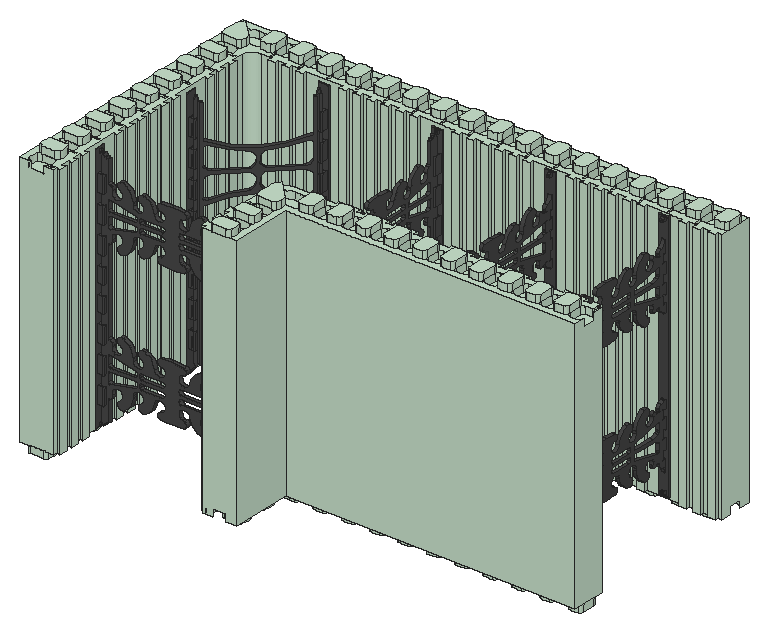
Revit family "ICF- NUDURA 10-inch- 90 Degree Form Unit- Imperial", category Generic Models, Revit 2010 (continued)
Definition of nested family "10-inch Web"
  Forms (in)
    Extrusion 1, solid, material "Polypropylene"
      sketch origin (0, 0, -0.5) x (0, 1, 0) y (0, 0, 1)
        loop
          arc (-2.03126, 4.50119) -> (-2.11964, 4.46458) -> (-2.15626, 4.37619) r 0.125
          line (-2.15626, 4.37619) -> (-2.15626, 4.19219)
          arc (-2.15626, 4.19219) -> (-2.11964, 4.1038) -> (-2.03126, 4.06719) r 0.125
        loop
          line (-0.59176, 5.12513) -> (-2.03126, 5.12513)
          arc (-2.03126, 5.12513) -> (-2.11964, 5.08852) -> (-2.15626, 5.00013) r 0.125
          line (-2.15626, 5.00013) -> (-2.15626, 4.81613)
          arc (-2.15626, 4.81613) -> (-2.11964, 4.72774) -> (-2.03126, 4.69113) r 0.125
          line (-2.03126, 4.69113) -> (-0.59176, 4.69113)
          arc (-0.59176, 4.69113) -> (-0.37476, 4.90813) -> (-0.59176, 5.12513) r 0.217
      from -0.125 to 0.125
    Extrusion 2, solid, material "Polypropylene"
      sketch origin (0, 0, 0) x (0, 1, 0) y (0, 0, 1)
        loop
          line (5.185, 17.8125) -> (5.185, 0.1875)
          arc (5.185, 0.1875) -> (5.2042, 0.14243) -> (5.25, 0.12505) r 0.0625
          arc (5.25, 0.12505) -> (5.2958, 0.14243) -> (5.315, 0.1875) r 0.0625
          line (5.315, 0.1875) -> (5.315, 17.8125)
          arc (5.315, 17.8125) -> (5.2958, 17.85757) -> (5.25, 17.87495) r 0.0625
          arc (5.25, 17.87495) -> (5.2042, 17.85757) -> (5.185, 17.8125) r 0.0625
        loop
          arc (-5.185, 17.8125) -> (-5.2042, 17.85757) -> (-5.25, 17.87495) r 0.0625
          arc (-5.25, 17.87495) -> (-5.2958, 17.85757) -> (-5.315, 17.8125) r 0.0625
          line (-5.315, 17.8125) -> (-5.315, 0.1875)
          arc (-5.315, 0.1875) -> (-5.2958, 0.14243) -> (-5.25, 0.12505) r 0.0625
          arc (-5.25, 0.12505) -> (-5.2042, 0.14243) -> (-5.185, 0.1875) r 0.0625
          line (-5.185, 0.1875) -> (-5.185, 17.8125)
      from -0.36328 to 0.36328
Definition of nested family "NUDURA 10-inch Corner Insert Web"
  Reference planes (in)
    plane 1 "Center (Front/Back)": y = 0
    plane 2: z = 0
    plane 3 "Center (Left/Right)": x = 0
  Forms (in)
    Extrusion 1, solid, material "Polypropylene"
      sketch origin (0, 1.8125, 0.26) x (0, 1, 0) y (0, 0, 1)
        loop
          line (1.40625, 0) -> (1.40625, 16.54253) -> (1.28125, 16.54253) -> (1.28125, 14.16753)
          arc (1.28125, 14.16753) -> (-1.8125, 13.54253) -> (-4.90625, 14.16753) r 7.96953
          line (-4.90625, 14.16753) -> (-4.90625, 16.54253) -> (-5.03125, 16.54253) -> (-5.03125, 0) -> (-4.90625, 0) -> (-4.90625, 2.375)
          arc (-4.90625, 2.375) -> (-1.8125, 3) -> (1.28125, 2.375) r 7.96953
          line (1.28125, 2.375) -> (1.28125, 0) -> (1.40625, 0)
        loop
          arc (0.78125, 12.19878) -> (1.1348, 12.34523) -> (1.28125, 12.69878) r 0.5
          line (1.28125, 12.69878) -> (1.28125, 13.60177)
          arc (1.28125, 13.60177) -> (1.18436, 13.7994) -> (0.96879, 13.84385) r 0.25
          arc (0.96879, 13.84385) -> (-0.18552, 13.51894) -> (-1.375, 13.36677) r 8.15703
          arc (-1.375, 13.36677) -> (-1.7514, 12.78278) -> (-1.375, 12.19878) r 0.64125
          line (-1.375, 12.19878) -> (0.78125, 12.19878)
        loop
          line (0.78125, 12.01128) -> (-1.375, 12.01128)
          arc (-1.375, 12.01128) -> (-1.7514, 11.42729) -> (-1.375, 10.84329) r 0.64125
          arc (-1.375, 10.84329) -> (-0.18552, 10.69113) -> (0.96879, 10.36622) r 8.15703
          arc (0.96879, 10.36622) -> (1.18436, 10.41066) -> (1.28125, 10.60829) r 0.25
          line (1.28125, 10.60829) -> (1.28125, 11.51128)
          arc (1.28125, 11.51128) -> (1.1348, 11.86484) -> (0.78125, 12.01128) r 0.5
        loop
          arc (-4.90625, 10.60829) -> (-4.80936, 10.41066) -> (-4.59379, 10.36622) r 0.25
          arc (-4.59379, 10.36622) -> (-3.43948, 10.69113) -> (-2.25, 10.84329) r 8.15703
          arc (-2.25, 10.84329) -> (-1.8736, 11.42729) -> (-2.25, 12.01128) r 0.64125
          line (-2.25, 12.01128) -> (-4.40625, 12.01128)
          arc (-4.40625, 12.01128) -> (-4.7598, 11.86484) -> (-4.90625, 11.51128) r 0.5
          line (-4.90625, 11.51128) -> (-4.90625, 10.60829)
        loop
          line (-4.90625, 13.60177) -> (-4.90625, 12.69878)
          arc (-4.90625, 12.69878) -> (-4.7598, 12.34523) -> (-4.40625, 12.19878) r 0.5
          line (-4.40625, 12.19878) -> (-2.25, 12.19878)
          arc (-2.25, 12.19878) -> (-1.8736, 12.78278) -> (-2.25, 13.36677) r 0.64125
          arc (-2.25, 13.36677) -> (-3.43948, 13.51894) -> (-4.59379, 13.84385) r 8.15703
          arc (-4.59379, 13.84385) -> (-4.80936, 13.7994) -> (-4.90625, 13.60177) r 0.25
        loop
          arc (-4.90625, 6.5) -> (-1.8125, 5.875) -> (1.28125, 6.5) r 7.96953
          line (1.28125, 6.5) -> (1.28125, 10.04253)
          arc (1.28125, 10.04253) -> (-1.8125, 10.66753) -> (-4.90625, 10.04253) r 7.96953
          line (-4.90625, 10.04253) -> (-4.90625, 6.5)
        loop
          line (0.78125, 4.34375) -> (-1.375, 4.34375)
          arc (-1.375, 4.34375) -> (-1.7514, 3.75975) -> (-1.375, 3.17576) r 0.64125
          arc (-1.375, 3.17576) -> (-0.18552, 3.0236) -> (0.96879, 2.69869) r 8.15703
          arc (0.96879, 2.69869) -> (1.18436, 2.74313) -> (1.28125, 2.94076) r 0.25
          line (1.28125, 2.94076) -> (1.28125, 3.84375)
          arc (1.28125, 3.84375) -> (1.1348, 4.1973) -> (0.78125, 4.34375) r 0.5
        loop
          arc (0.78125, 4.53125) -> (1.1348, 4.6777) -> (1.28125, 5.03125) r 0.5
          line (1.28125, 5.03125) -> (1.28125, 5.93424)
          arc (1.28125, 5.93424) -> (1.18436, 6.13187) -> (0.96879, 6.17631) r 0.25
          arc (0.96879, 6.17631) -> (-0.18552, 5.8514) -> (-1.375, 5.69924) r 8.15703
          arc (-1.375, 5.69924) -> (-1.7514, 5.11525) -> (-1.375, 4.53125) r 0.64125
          line (-1.375, 4.53125) -> (0.78125, 4.53125)
        loop
          line (-4.90625, 5.93424) -> (-4.90625, 5.03125)
          arc (-4.90625, 5.03125) -> (-4.7598, 4.6777) -> (-4.40625, 4.53125) r 0.5
          line (-4.40625, 4.53125) -> (-2.25, 4.53125)
          arc (-2.25, 4.53125) -> (-1.8736, 5.11525) -> (-2.25, 5.69924) r 0.64125
          arc (-2.25, 5.69924) -> (-3.43948, 5.8514) -> (-4.59379, 6.17631) r 8.15703
          arc (-4.59379, 6.17631) -> (-4.80936, 6.13187) -> (-4.90625, 5.93424) r 0.25
        loop
          arc (-4.90625, 2.94076) -> (-4.80936, 2.74313) -> (-4.59379, 2.69869) r 0.25
          arc (-4.59379, 2.69869) -> (-3.43948, 3.0236) -> (-2.25, 3.17576) r 8.15703
          arc (-2.25, 3.17576) -> (-1.8736, 3.75975) -> (-2.25, 4.34375) r 0.64125
          line (-2.25, 4.34375) -> (-4.40625, 4.34375)
          arc (-4.40625, 4.34375) -> (-4.7598, 4.1973) -> (-4.90625, 3.84375) r 0.5
          line (-4.90625, 3.84375) -> (-4.90625, 2.94076)
      from -0.125 to 0.125
    Extrusion 2, solid, material "Polypropylene"
      sketch origin (0, -0.45164, 23.70793) x (0, 1, 0) y (0, 0, 1)
        loop
          line (-3.07961, -23.44793) -> (-3.00461, -23.67793)
          arc (-3.00461, -23.67793) -> (-2.95461, -23.70793) -> (-2.90461, -23.67793) r 0.05667
          line (-2.90461, -23.67793) -> (-2.82961, -23.44793) -> (-2.82961, -6.9054) -> (-2.90461, -6.6754)
          arc (-2.90461, -6.6754) -> (-2.95461, -6.6454) -> (-3.00461, -6.6754) r 0.05667
          line (-3.00461, -6.6754) -> (-3.07961, -6.9054) -> (-3.07961, -23.44793)
      from 0.14171 to 0.39171
    Extrusion 3, solid, material "Polypropylene"
      sketch origin (0, 6.36086, 23.70793) x (0, 1, 0) y (0, 0, 1)
        loop
          line (-3.07961, -23.44793) -> (-3.00461, -23.67793)
          arc (-3.00461, -23.67793) -> (-2.95461, -23.70793) -> (-2.90461, -23.67793) r 0.05667
          line (-2.90461, -23.67793) -> (-2.82961, -23.44793) -> (-2.82961, -6.9054) -> (-2.90461, -6.6754)
          arc (-2.90461, -6.6754) -> (-2.95461, -6.6454) -> (-3.00461, -6.6754) r 0.05667
          line (-3.00461, -6.6754) -> (-3.07961, -6.9054) -> (-3.07961, -23.44793)
      from 0.14171 to 0.39171
    Extrusion 4, solid, material "Polypropylene"
      sketch origin (0, 0.40625, 0) x (1, 0, 0) y (0, 1, 0)
        loop
          line (0.125, -3.50401) -> (0.125, -3.625) -> (0.09265, -3.625) -> (0.14171, -3.80849) -> (0.14171, -3.6875) -> (0.17406, -3.6875) -> (0.125, -3.50401)
      from 0.26 to 16.80253
    Extrusion 5, solid, material "Polypropylene"
      sketch origin (0, -0.40625, 0) x (1, 0, 0) y (0, 1, 0)
        loop
          line (0.125, 3.50401) -> (0.17406, 3.6875) -> (0.14171, 3.6875) -> (0.14171, 3.80849) -> (0.09265, 3.625) -> (0.125, 3.625) -> (0.125, 3.50401)
      from 0.26 to 16.80253
Definition of nested family "NUDURA Diamond Pattern"
  Reference planes (in)
    plane 1 "Center (Front/Back)": y = 0
    plane 2: z = 0
    plane 3 "Center (Left/Right)": x = 0
    plane 4: z = 18
  Lines and regions (in)
    model lines
      curve 1: line (8, -5.625, 18) -> (8, -5.625, 0)
      curve 2: line (6, -5.625, 18) -> (6, -5.625, 0)
      curve 3: line (2, -5.625, 18) -> (2, -5.625, 0)
      curve 4: line (3.35367, -5.625, 16.98484) -> (3.69709, -5.625, 16.64142)
      curve 5: arc (3.35367, -5.625, 17.51517) -> (3.24384, -5.625, 17.25) -> (3.35367, -5.625, 16.98484) r 0.375
      curve 6: line (3.72867, -5.625, 17.89017) -> (3.35367, -5.625, 17.51517)
      curve 7: arc (4.259, -5.625, 17.89017) -> (3.99384, -5.625, 18) -> (3.72867, -5.625, 17.89017) r 0.375
      curve 8: line (4.634, -5.625, 17.51517) -> (4.259, -5.625, 17.89017)
      curve 9: arc (4.634, -5.625, 16.98484) -> (4.74384, -5.625, 17.25) -> (4.634, -5.625, 17.51517) r 0.375
      curve 10: line (4.29059, -5.625, 16.64142) -> (4.634, -5.625, 16.98484)
      curve 11: arc (4.17062, -5.625, 17.80178) -> (3.99384, -5.625, 17.875) -> (3.81706, -5.625, 17.80178) r 0.25
      curve 12: line (4.54562, -5.625, 17.42678) -> (4.17062, -5.625, 17.80178)
      curve 13: arc (4.54562, -5.625, 17.07322) -> (4.61884, -5.625, 17.25) -> (4.54562, -5.625, 17.42678) r 0.25
      curve 14: line (4.17062, -5.625, 16.69822) -> (4.54562, -5.625, 17.07322)
      curve 15: arc (3.81706, -5.625, 16.69822) -> (3.99384, -5.625, 16.625) -> (4.17062, -5.625, 16.69822) r 0.25
      curve 16: line (3.44206, -5.625, 17.07322) -> (3.81706, -5.625, 16.69822)
      curve 17: arc (3.44206, -5.625, 17.42678) -> (3.36884, -5.625, 17.25) -> (3.44206, -5.625, 17.07322) r 0.25
      curve 18: line (3.81706, -5.625, 17.80178) -> (3.44206, -5.625, 17.42678)
      curve 19: arc (3.69709, -5.625, 16.35858) -> (3.75567, -5.625, 16.5) -> (3.69709, -5.625, 16.64142) r 0.2
      curve 20: line (4.634, -5.625, 16.01517) -> (4.29059, -5.625, 16.35858)
      curve 21: arc (4.634, -5.625, 15.48484) -> (4.74384, -5.625, 15.75) -> (4.634, -5.625, 16.01517) r 0.375
      curve 22: line (4.29059, -5.625, 15.14142) -> (4.634, -5.625, 15.48484)
      curve 23: line (3.35367, -5.625, 15.48484) -> (3.69709, -5.625, 15.14142)
      curve 24: arc (3.35367, -5.625, 16.01517) -> (3.24384, -5.625, 15.75) -> (3.35367, -5.625, 15.48484) r 0.375
      curve 25: line (3.69709, -5.625, 16.35858) -> (3.35367, -5.625, 16.01517)
      curve 26: arc (4.17062, -5.625, 16.30178) -> (3.99384, -5.625, 16.375) -> (3.81706, -5.625, 16.30178) r 0.25
      curve 27: line (3.81706, -5.625, 16.30178) -> (3.44206, -5.625, 15.92678)
      curve 28: arc (3.44206, -5.625, 15.92678) -> (3.36884, -5.625, 15.75) -> (3.44206, -5.625, 15.57322) r 0.25
      curve 29: line (3.44206, -5.625, 15.57322) -> (3.81706, -5.625, 15.19822)
      curve 30: arc (3.81706, -5.625, 15.19822) -> (3.99384, -5.625, 15.125) -> (4.17062, -5.625, 15.19822) r 0.25
      curve 31: line (4.17062, -5.625, 15.19822) -> (4.54562, -5.625, 15.57322)
      curve 32: arc (4.54562, -5.625, 15.57322) -> (4.61884, -5.625, 15.75) -> (4.54562, -5.625, 15.92678) r 0.25
      curve 33: line (4.54562, -5.625, 15.92678) -> (4.17062, -5.625, 16.30178)
      curve 34: arc (3.69709, -5.625, 14.85858) -> (3.75567, -5.625, 15) -> (3.69709, -5.625, 15.14142) r 0.2
      curve 35: line (4.634, -5.625, 14.51517) -> (4.29059, -5.625, 14.85858)
      curve 36: arc (4.634, -5.625, 13.98484) -> (4.74384, -5.625, 14.25) -> (4.634, -5.625, 14.51517) r 0.375
      curve 37: line (4.29059, -5.625, 13.64142) -> (4.634, -5.625, 13.98484)
      curve 38: line (3.35367, -5.625, 13.98484) -> (3.69709, -5.625, 13.64142)
      curve 39: arc (3.35367, -5.625, 14.51517) -> (3.24384, -5.625, 14.25) -> (3.35367, -5.625, 13.98484) r 0.375
      curve 40: line (3.69709, -5.625, 14.85858) -> (3.35367, -5.625, 14.51517)
      curve 41: arc (4.17062, -5.625, 14.80178) -> (3.99384, -5.625, 14.875) -> (3.81706, -5.625, 14.80178) r 0.25
      curve 42: line (3.81706, -5.625, 14.80178) -> (3.44206, -5.625, 14.42678)
      curve 43: arc (3.44206, -5.625, 14.42678) -> (3.36884, -5.625, 14.25) -> (3.44206, -5.625, 14.07322) r 0.25
      curve 44: line (3.44206, -5.625, 14.07322) -> (3.81706, -5.625, 13.69822)
      curve 45: arc (3.81706, -5.625, 13.69822) -> (3.99384, -5.625, 13.625) -> (4.17062, -5.625, 13.69822) r 0.25
      curve 46: line (4.17062, -5.625, 13.69822) -> (4.54562, -5.625, 14.07322)
      curve 47: arc (4.54562, -5.625, 14.07322) -> (4.61884, -5.625, 14.25) -> (4.54562, -5.625, 14.42678) r 0.25
      curve 48: line (4.54562, -5.625, 14.42678) -> (4.17062, -5.625, 14.80178)
      curve 49: arc (3.69709, -5.625, 13.35858) -> (3.75567, -5.625, 13.5) -> (3.69709, -5.625, 13.64142) r 0.2
      curve 50: line (4.634, -5.625, 13.01517) -> (4.29059, -5.625, 13.35858)
      curve 51: arc (4.634, -5.625, 12.48484) -> (4.74384, -5.625, 12.75) -> (4.634, -5.625, 13.01517) r 0.375
      curve 52: line (4.29059, -5.625, 12.14142) -> (4.634, -5.625, 12.48484)
      curve 53: line (3.35367, -5.625, 12.48484) -> (3.69709, -5.625, 12.14142)
      curve 54: arc (3.35367, -5.625, 13.01517) -> (3.24384, -5.625, 12.75) -> (3.35367, -5.625, 12.48484) r 0.375
      curve 55: line (3.69709, -5.625, 13.35858) -> (3.35367, -5.625, 13.01517)
      curve 56: arc (4.17062, -5.625, 13.30178) -> (3.99384, -5.625, 13.375) -> (3.81706, -5.625, 13.30178) r 0.25
      curve 57: line (3.81706, -5.625, 13.30178) -> (3.44206, -5.625, 12.92678)
      curve 58: arc (3.44206, -5.625, 12.92678) -> (3.36884, -5.625, 12.75) -> (3.44206, -5.625, 12.57322) r 0.25
      curve 59: line (3.44206, -5.625, 12.57322) -> (3.81706, -5.625, 12.19822)
      curve 60: arc (3.81706, -5.625, 12.19822) -> (3.99384, -5.625, 12.125) -> (4.17062, -5.625, 12.19822) r 0.25
      curve 61: line (4.17062, -5.625, 12.19822) -> (4.54562, -5.625, 12.57322)
      curve 62: arc (4.54562, -5.625, 12.57322) -> (4.61884, -5.625, 12.75) -> (4.54562, -5.625, 12.92678) r 0.25
      curve 63: line (4.54562, -5.625, 12.92678) -> (4.17062, -5.625, 13.30178)
      curve 64: arc (3.69709, -5.625, 11.85858) -> (3.75567, -5.625, 12) -> (3.69709, -5.625, 12.14142) r 0.2
      curve 65: line (4.634, -5.625, 11.51517) -> (4.29059, -5.625, 11.85858)
      curve 66: arc (4.634, -5.625, 10.98484) -> (4.74384, -5.625, 11.25) -> (4.634, -5.625, 11.51517) r 0.375
      curve 67: line (4.29059, -5.625, 10.64142) -> (4.634, -5.625, 10.98484)
      curve 68: line (3.35367, -5.625, 10.98484) -> (3.69709, -5.625, 10.64142)
      curve 69: arc (3.35367, -5.625, 11.51517) -> (3.24384, -5.625, 11.25) -> (3.35367, -5.625, 10.98484) r 0.375
      curve 70: line (3.69709, -5.625, 11.85858) -> (3.35367, -5.625, 11.51517)
      curve 71: arc (4.17062, -5.625, 11.80178) -> (3.99384, -5.625, 11.875) -> (3.81706, -5.625, 11.80178) r 0.25
      curve 72: line (3.81706, -5.625, 11.80178) -> (3.44206, -5.625, 11.42678)
      curve 73: arc (3.44206, -5.625, 11.42678) -> (3.36884, -5.625, 11.25) -> (3.44206, -5.625, 11.07322) r 0.25
      curve 74: line (3.44206, -5.625, 11.07322) -> (3.81706, -5.625, 10.69822)
      curve 75: arc (3.81706, -5.625, 10.69822) -> (3.99384, -5.625, 10.625) -> (4.17062, -5.625, 10.69822) r 0.25
      curve 76: line (4.17062, -5.625, 10.69822) -> (4.54562, -5.625, 11.07322)
      curve 77: arc (4.54562, -5.625, 11.07322) -> (4.61884, -5.625, 11.25) -> (4.54562, -5.625, 11.42678) r 0.25
      curve 78: line (4.54562, -5.625, 11.42678) -> (4.17062, -5.625, 11.80178)
      curve 79: arc (3.69709, -5.625, 10.35858) -> (3.75567, -5.625, 10.5) -> (3.69709, -5.625, 10.64142) r 0.2
      curve 80: line (4.634, -5.625, 10.01517) -> (4.29059, -5.625, 10.35858)
      curve 81: arc (4.634, -5.625, 9.48484) -> (4.74384, -5.625, 9.75) -> (4.634, -5.625, 10.01517) r 0.375
      curve 82: line (4.29059, -5.625, 9.14142) -> (4.634, -5.625, 9.48484)
      curve 83: line (3.35367, -5.625, 9.48484) -> (3.69709, -5.625, 9.14142)
      curve 84: arc (3.35367, -5.625, 10.01517) -> (3.24384, -5.625, 9.75) -> (3.35367, -5.625, 9.48484) r 0.375
      curve 85: line (3.69709, -5.625, 10.35858) -> (3.35367, -5.625, 10.01517)
      curve 86: arc (4.17062, -5.625, 10.30178) -> (3.99384, -5.625, 10.375) -> (3.81706, -5.625, 10.30178) r 0.25
      curve 87: line (3.81706, -5.625, 10.30178) -> (3.44206, -5.625, 9.92678)
      curve 88: arc (3.44206, -5.625, 9.92678) -> (3.36884, -5.625, 9.75) -> (3.44206, -5.625, 9.57322) r 0.25
      curve 89: line (3.44206, -5.625, 9.57322) -> (3.81706, -5.625, 9.19822)
      curve 90: arc (3.81706, -5.625, 9.19822) -> (3.99384, -5.625, 9.125) -> (4.17062, -5.625, 9.19822) r 0.25
      curve 91: line (4.17062, -5.625, 9.19822) -> (4.54562, -5.625, 9.57322)
      curve 92: arc (4.54562, -5.625, 9.57322) -> (4.61884, -5.625, 9.75) -> (4.54562, -5.625, 9.92678) r 0.25
      curve 93: line (4.54562, -5.625, 9.92678) -> (4.17062, -5.625, 10.30178)
      curve 94: arc (3.69709, -5.625, 8.85858) -> (3.75567, -5.625, 9) -> (3.69709, -5.625, 9.14142) r 0.2
      curve 95: line (4.634, -5.625, 8.51517) -> (4.29059, -5.625, 8.85858)
      curve 96: arc (4.634, -5.625, 7.98484) -> (4.74384, -5.625, 8.25) -> (4.634, -5.625, 8.51517) r 0.375
      curve 97: line (4.29059, -5.625, 7.64142) -> (4.634, -5.625, 7.98484)
      curve 98: line (3.35367, -5.625, 7.98484) -> (3.69709, -5.625, 7.64142)
      curve 99: arc (3.35367, -5.625, 8.51517) -> (3.24384, -5.625, 8.25) -> (3.35367, -5.625, 7.98484) r 0.375
      curve 100: line (3.69709, -5.625, 8.85858) -> (3.35367, -5.625, 8.51517)
      curve 101: arc (4.17062, -5.625, 8.80178) -> (3.99384, -5.625, 8.875) -> (3.81706, -5.625, 8.80178) r 0.25
      curve 102: line (3.81706, -5.625, 8.80178) -> (3.44206, -5.625, 8.42678)
      curve 103: arc (3.44206, -5.625, 8.42678) -> (3.36884, -5.625, 8.25) -> (3.44206, -5.625, 8.07322) r 0.25
      curve 104: line (3.44206, -5.625, 8.07322) -> (3.81706, -5.625, 7.69822)
      curve 105: arc (3.81706, -5.625, 7.69822) -> (3.99384, -5.625, 7.625) -> (4.17062, -5.625, 7.69822) r 0.25
      curve 106: line (4.17062, -5.625, 7.69822) -> (4.54562, -5.625, 8.07322)
      curve 107: arc (4.54562, -5.625, 8.07322) -> (4.61884, -5.625, 8.25) -> (4.54562, -5.625, 8.42678) r 0.25
      curve 108: line (4.54562, -5.625, 8.42678) -> (4.17062, -5.625, 8.80178)
      curve 109: arc (3.69709, -5.625, 7.35858) -> (3.75567, -5.625, 7.5) -> (3.69709, -5.625, 7.64142) r 0.2
      curve 110: line (4.634, -5.625, 7.01517) -> (4.29059, -5.625, 7.35858)
      curve 111: arc (4.634, -5.625, 6.48484) -> (4.74384, -5.625, 6.75) -> (4.634, -5.625, 7.01517) r 0.375
      curve 112: line (4.29059, -5.625, 6.14142) -> (4.634, -5.625, 6.48484)
      curve 113: line (3.35367, -5.625, 6.48484) -> (3.69709, -5.625, 6.14142)
      curve 114: arc (3.35367, -5.625, 7.01517) -> (3.24384, -5.625, 6.75) -> (3.35367, -5.625, 6.48484) r 0.375
      curve 115: line (3.69709, -5.625, 7.35858) -> (3.35367, -5.625, 7.01517)
      curve 116: arc (4.17062, -5.625, 7.30178) -> (3.99384, -5.625, 7.375) -> (3.81706, -5.625, 7.30178) r 0.25
      curve 117: line (3.81706, -5.625, 7.30178) -> (3.44206, -5.625, 6.92678)
      curve 118: arc (3.44206, -5.625, 6.92678) -> (3.36884, -5.625, 6.75) -> (3.44206, -5.625, 6.57322) r 0.25
      curve 119: line (3.44206, -5.625, 6.57322) -> (3.81706, -5.625, 6.19822)
      curve 120: arc (3.81706, -5.625, 6.19822) -> (3.99384, -5.625, 6.125) -> (4.17062, -5.625, 6.19822) r 0.25
      curve 121: line (4.17062, -5.625, 6.19822) -> (4.54562, -5.625, 6.57322)
      curve 122: arc (4.54562, -5.625, 6.57322) -> (4.61884, -5.625, 6.75) -> (4.54562, -5.625, 6.92678) r 0.25
      curve 123: line (4.54562, -5.625, 6.92678) -> (4.17062, -5.625, 7.30178)
      curve 124: arc (3.69709, -5.625, 5.85858) -> (3.75567, -5.625, 6) -> (3.69709, -5.625, 6.14142) r 0.2
      curve 125: line (4.634, -5.625, 5.51517) -> (4.29059, -5.625, 5.85858)
      curve 126: arc (4.634, -5.625, 4.98484) -> (4.74384, -5.625, 5.25) -> (4.634, -5.625, 5.51517) r 0.375
      curve 127: line (4.29059, -5.625, 4.64142) -> (4.634, -5.625, 4.98484)
      curve 128: line (3.35367, -5.625, 4.98484) -> (3.69709, -5.625, 4.64142)
      curve 129: arc (3.35367, -5.625, 5.51517) -> (3.24384, -5.625, 5.25) -> (3.35367, -5.625, 4.98484) r 0.375
      curve 130: line (3.69709, -5.625, 5.85858) -> (3.35367, -5.625, 5.51517)
      curve 131: arc (4.17062, -5.625, 5.80178) -> (3.99384, -5.625, 5.875) -> (3.81706, -5.625, 5.80178) r 0.25
      curve 132: line (3.81706, -5.625, 5.80178) -> (3.44206, -5.625, 5.42678)
      curve 133: arc (3.44206, -5.625, 5.42678) -> (3.36884, -5.625, 5.25) -> (3.44206, -5.625, 5.07322) r 0.25
      curve 134: line (3.44206, -5.625, 5.07322) -> (3.81706, -5.625, 4.69822)
      curve 135: arc (3.81706, -5.625, 4.69822) -> (3.99384, -5.625, 4.625) -> (4.17062, -5.625, 4.69822) r 0.25
      curve 136: line (4.17062, -5.625, 4.69822) -> (4.54562, -5.625, 5.07322)
      curve 137: arc (4.54562, -5.625, 5.07322) -> (4.61884, -5.625, 5.25) -> (4.54562, -5.625, 5.42678) r 0.25
      curve 138: line (4.54562, -5.625, 5.42678) -> (4.17062, -5.625, 5.80178)
      curve 139: arc (3.69709, -5.625, 4.35858) -> (3.75567, -5.625, 4.5) -> (3.69709, -5.625, 4.64142) r 0.2
      curve 140: line (4.634, -5.625, 4.01517) -> (4.29059, -5.625, 4.35858)
      curve 141: arc (4.634, -5.625, 3.48484) -> (4.74384, -5.625, 3.75) -> (4.634, -5.625, 4.01517) r 0.375
      curve 142: line (4.29059, -5.625, 3.14142) -> (4.634, -5.625, 3.48484)
      curve 143: line (3.35367, -5.625, 3.48484) -> (3.69709, -5.625, 3.14142)
      curve 144: arc (3.35367, -5.625, 4.01517) -> (3.24384, -5.625, 3.75) -> (3.35367, -5.625, 3.48484) r 0.375
      curve 145: line (3.69709, -5.625, 4.35858) -> (3.35367, -5.625, 4.01517)
      curve 146: arc (4.17062, -5.625, 4.30178) -> (3.99384, -5.625, 4.375) -> (3.81706, -5.625, 4.30178) r 0.25
      curve 147: line (3.81706, -5.625, 4.30178) -> (3.44206, -5.625, 3.92678)
      curve 148: arc (3.44206, -5.625, 3.92678) -> (3.36884, -5.625, 3.75) -> (3.44206, -5.625, 3.57322) r 0.25
      curve 149: line (3.44206, -5.625, 3.57322) -> (3.81706, -5.625, 3.19822)
      curve 150: arc (3.81706, -5.625, 3.19822) -> (3.99384, -5.625, 3.125) -> (4.17062, -5.625, 3.19822) r 0.25
      curve 151: line (4.17062, -5.625, 3.19822) -> (4.54562, -5.625, 3.57322)
      curve 152: arc (4.54562, -5.625, 3.57322) -> (4.61884, -5.625, 3.75) -> (4.54562, -5.625, 3.92678) r 0.25
      curve 153: line (4.54562, -5.625, 3.92678) -> (4.17062, -5.625, 4.30178)
      curve 154: arc (3.69709, -5.625, 2.85858) -> (3.75567, -5.625, 3) -> (3.69709, -5.625, 3.14142) r 0.2
      curve 155: line (4.634, -5.625, 2.51517) -> (4.29059, -5.625, 2.85858)
      curve 156: arc (4.634, -5.625, 1.98484) -> (4.74384, -5.625, 2.25) -> (4.634, -5.625, 2.51517) r 0.375
      curve 157: line (4.29059, -5.625, 1.64142) -> (4.634, -5.625, 1.98484)
      curve 158: line (3.35367, -5.625, 1.98484) -> (3.69709, -5.625, 1.64142)
      curve 159: arc (3.35367, -5.625, 2.51517) -> (3.24384, -5.625, 2.25) -> (3.35367, -5.625, 1.98484) r 0.375
      curve 160: line (3.69709, -5.625, 2.85858) -> (3.35367, -5.625, 2.51517)
      curve 161: arc (4.17062, -5.625, 2.80178) -> (3.99384, -5.625, 2.875) -> (3.81706, -5.625, 2.80178) r 0.25
      curve 162: line (3.81706, -5.625, 2.80178) -> (3.44206, -5.625, 2.42678)
      curve 163: arc (3.44206, -5.625, 2.42678) -> (3.36884, -5.625, 2.25) -> (3.44206, -5.625, 2.07322) r 0.25
      curve 164: line (3.44206, -5.625, 2.07322) -> (3.81706, -5.625, 1.69822)
      curve 165: arc (3.81706, -5.625, 1.69822) -> (3.99384, -5.625, 1.625) -> (4.17062, -5.625, 1.69822) r 0.25
      curve 166: line (4.17062, -5.625, 1.69822) -> (4.54562, -5.625, 2.07322)
      curve 167: arc (4.54562, -5.625, 2.07322) -> (4.61884, -5.625, 2.25) -> (4.54562, -5.625, 2.42678) r 0.25
      curve 168: line (4.54562, -5.625, 2.42678) -> (4.17062, -5.625, 2.80178)
      curve 169: arc (3.69709, -5.625, 1.35858) -> (3.75567, -5.625, 1.5) -> (3.69709, -5.625, 1.64142) r 0.2
      curve 170: line (3.69709, -5.625, 1.35858) -> (3.35367, -5.625, 1.01517)
      curve 171: arc (3.35367, -5.625, 1.01517) -> (3.24384, -5.625, 0.75) -> (3.35367, -5.625, 0.48484) r 0.375
      curve 172: line (3.35367, -5.625, 0.48484) -> (3.72867, -5.625, 0.10984)
      curve 173: arc (3.72867, -5.625, 0.10984) -> (3.99384, -5.625, 0) -> (4.259, -5.625, 0.10984) r 0.375
      curve 174: line (4.259, -5.625, 0.10984) -> (4.634, -5.625, 0.48484)
      curve 175: arc (4.634, -5.625, 0.48484) -> (4.74384, -5.625, 0.75) -> (4.634, -5.625, 1.01517) r 0.375
      curve 176: line (4.634, -5.625, 1.01517) -> (4.29059, -5.625, 1.35858)
      curve 177: arc (4.29059, -5.625, 1.64142) -> (4.23201, -5.625, 1.5) -> (4.29059, -5.625, 1.35858) r 0.2
      curve 178: arc (4.17062, -5.625, 1.30178) -> (3.99384, -5.625, 1.375) -> (3.81706, -5.625, 1.30178) r 0.25
      curve 179: line (4.54562, -5.625, 0.92678) -> (4.17062, -5.625, 1.30178)
      curve 180: arc (4.54562, -5.625, 0.57322) -> (4.61884, -5.625, 0.75) -> (4.54562, -5.625, 0.92678) r 0.25
      curve 181: line (4.17062, -5.625, 0.19822) -> (4.54562, -5.625, 0.57322)
      curve 182: arc (3.81706, -5.625, 0.19822) -> (3.99384, -5.625, 0.125) -> (4.17062, -5.625, 0.19822) r 0.25
      curve 183: line (3.44206, -5.625, 0.57322) -> (3.81706, -5.625, 0.19822)
      curve 184: arc (3.44206, -5.625, 0.92678) -> (3.36884, -5.625, 0.75) -> (3.44206, -5.625, 0.57322) r 0.25
      curve 185: line (3.81706, -5.625, 1.30178) -> (3.44206, -5.625, 0.92678)
      curve 186: arc (4.29059, -5.625, 3.14142) -> (4.23201, -5.625, 3) -> (4.29059, -5.625, 2.85858) r 0.2
      curve 187: arc (4.29059, -5.625, 4.64142) -> (4.23201, -5.625, 4.5) -> (4.29059, -5.625, 4.35858) r 0.2
      curve 188: arc (4.29059, -5.625, 6.14142) -> (4.23201, -5.625, 6) -> (4.29059, -5.625, 5.85858) r 0.2
      curve 189: arc (4.29059, -5.625, 7.64142) -> (4.23201, -5.625, 7.5) -> (4.29059, -5.625, 7.35858) r 0.2
      curve 190: arc (4.29059, -5.625, 9.14142) -> (4.23201, -5.625, 9) -> (4.29059, -5.625, 8.85858) r 0.2
      curve 191: arc (4.29059, -5.625, 10.64142) -> (4.23201, -5.625, 10.5) -> (4.29059, -5.625, 10.35858) r 0.2
      curve 192: arc (4.29059, -5.625, 12.14142) -> (4.23201, -5.625, 12) -> (4.29059, -5.625, 11.85858) r 0.2
      curve 193: arc (4.29059, -5.625, 13.64142) -> (4.23201, -5.625, 13.5) -> (4.29059, -5.625, 13.35858) r 0.2
      curve 194: arc (4.29059, -5.625, 15.14142) -> (4.23201, -5.625, 15) -> (4.29059, -5.625, 14.85858) r 0.2
      curve 195: arc (4.29059, -5.625, 16.64142) -> (4.23201, -5.625, 16.5) -> (4.29059, -5.625, 16.35858) r 0.2
Definition of nested family "NUDURA Diamond Pattern Missing Two lines"
  Reference planes (in)
    plane 1 "Center (Front/Back)": y = 0
    plane 2: z = 0
    plane 3 "Center (Left/Right)": x = 0
    plane 4: z = 18
  Lines and regions (in)
    model lines
      curve 1: line (2, -5.625, 18) -> (2, -5.625, 0)
      curve 2: line (3.35367, -5.625, 16.98484) -> (3.69709, -5.625, 16.64142)
      curve 3: arc (3.35367, -5.625, 17.51517) -> (3.24384, -5.625, 17.25) -> (3.35367, -5.625, 16.98484) r 0.375
      curve 4: line (3.72867, -5.625, 17.89017) -> (3.35367, -5.625, 17.51517)
      curve 5: arc (4.259, -5.625, 17.89017) -> (3.99384, -5.625, 18) -> (3.72867, -5.625, 17.89017) r 0.375
      curve 6: line (4.634, -5.625, 17.51517) -> (4.259, -5.625, 17.89017)
      curve 7: arc (4.634, -5.625, 16.98484) -> (4.74384, -5.625, 17.25) -> (4.634, -5.625, 17.51517) r 0.375
      curve 8: line (4.29059, -5.625, 16.64142) -> (4.634, -5.625, 16.98484)
      curve 9: arc (4.17062, -5.625, 17.80178) -> (3.99384, -5.625, 17.875) -> (3.81706, -5.625, 17.80178) r 0.25
      curve 10: line (4.54562, -5.625, 17.42678) -> (4.17062, -5.625, 17.80178)
      curve 11: arc (4.54562, -5.625, 17.07322) -> (4.61884, -5.625, 17.25) -> (4.54562, -5.625, 17.42678) r 0.25
      curve 12: line (4.17062, -5.625, 16.69822) -> (4.54562, -5.625, 17.07322)
      curve 13: arc (3.81706, -5.625, 16.69822) -> (3.99384, -5.625, 16.625) -> (4.17062, -5.625, 16.69822) r 0.25
      curve 14: line (3.44206, -5.625, 17.07322) -> (3.81706, -5.625, 16.69822)
      curve 15: arc (3.44206, -5.625, 17.42678) -> (3.36884, -5.625, 17.25) -> (3.44206, -5.625, 17.07322) r 0.25
      curve 16: line (3.81706, -5.625, 17.80178) -> (3.44206, -5.625, 17.42678)
      curve 17: arc (3.69709, -5.625, 16.35858) -> (3.75567, -5.625, 16.5) -> (3.69709, -5.625, 16.64142) r 0.2
      curve 18: line (4.634, -5.625, 16.01517) -> (4.29059, -5.625, 16.35858)
      curve 19: arc (4.634, -5.625, 15.48484) -> (4.74384, -5.625, 15.75) -> (4.634, -5.625, 16.01517) r 0.375
      curve 20: line (4.29059, -5.625, 15.14142) -> (4.634, -5.625, 15.48484)
      curve 21: line (3.35367, -5.625, 15.48484) -> (3.69709, -5.625, 15.14142)
      curve 22: arc (3.35367, -5.625, 16.01517) -> (3.24384, -5.625, 15.75) -> (3.35367, -5.625, 15.48484) r 0.375
      curve 23: line (3.69709, -5.625, 16.35858) -> (3.35367, -5.625, 16.01517)
      curve 24: arc (4.17062, -5.625, 16.30178) -> (3.99384, -5.625, 16.375) -> (3.81706, -5.625, 16.30178) r 0.25
      curve 25: line (3.81706, -5.625, 16.30178) -> (3.44206, -5.625, 15.92678)
      curve 26: arc (3.44206, -5.625, 15.92678) -> (3.36884, -5.625, 15.75) -> (3.44206, -5.625, 15.57322) r 0.25
      curve 27: line (3.44206, -5.625, 15.57322) -> (3.81706, -5.625, 15.19822)
      curve 28: arc (3.81706, -5.625, 15.19822) -> (3.99384, -5.625, 15.125) -> (4.17062, -5.625, 15.19822) r 0.25
      curve 29: line (4.17062, -5.625, 15.19822) -> (4.54562, -5.625, 15.57322)
      curve 30: arc (4.54562, -5.625, 15.57322) -> (4.61884, -5.625, 15.75) -> (4.54562, -5.625, 15.92678) r 0.25
      curve 31: line (4.54562, -5.625, 15.92678) -> (4.17062, -5.625, 16.30178)
      curve 32: arc (3.69709, -5.625, 14.85858) -> (3.75567, -5.625, 15) -> (3.69709, -5.625, 15.14142) r 0.2
      curve 33: line (4.634, -5.625, 14.51517) -> (4.29059, -5.625, 14.85858)
      curve 34: arc (4.634, -5.625, 13.98484) -> (4.74384, -5.625, 14.25) -> (4.634, -5.625, 14.51517) r 0.375
      curve 35: line (4.29059, -5.625, 13.64142) -> (4.634, -5.625, 13.98484)
      curve 36: line (3.35367, -5.625, 13.98484) -> (3.69709, -5.625, 13.64142)
      curve 37: arc (3.35367, -5.625, 14.51517) -> (3.24384, -5.625, 14.25) -> (3.35367, -5.625, 13.98484) r 0.375
      curve 38: line (3.69709, -5.625, 14.85858) -> (3.35367, -5.625, 14.51517)
      curve 39: arc (4.17062, -5.625, 14.80178) -> (3.99384, -5.625, 14.875) -> (3.81706, -5.625, 14.80178) r 0.25
      curve 40: line (3.81706, -5.625, 14.80178) -> (3.44206, -5.625, 14.42678)
      curve 41: arc (3.44206, -5.625, 14.42678) -> (3.36884, -5.625, 14.25) -> (3.44206, -5.625, 14.07322) r 0.25
      curve 42: line (3.44206, -5.625, 14.07322) -> (3.81706, -5.625, 13.69822)
      curve 43: arc (3.81706, -5.625, 13.69822) -> (3.99384, -5.625, 13.625) -> (4.17062, -5.625, 13.69822) r 0.25
      curve 44: line (4.17062, -5.625, 13.69822) -> (4.54562, -5.625, 14.07322)
      curve 45: arc (4.54562, -5.625, 14.07322) -> (4.61884, -5.625, 14.25) -> (4.54562, -5.625, 14.42678) r 0.25
      curve 46: line (4.54562, -5.625, 14.42678) -> (4.17062, -5.625, 14.80178)
      curve 47: arc (3.69709, -5.625, 13.35858) -> (3.75567, -5.625, 13.5) -> (3.69709, -5.625, 13.64142) r 0.2
      curve 48: line (4.634, -5.625, 13.01517) -> (4.29059, -5.625, 13.35858)
      curve 49: arc (4.634, -5.625, 12.48484) -> (4.74384, -5.625, 12.75) -> (4.634, -5.625, 13.01517) r 0.375
      curve 50: line (4.29059, -5.625, 12.14142) -> (4.634, -5.625, 12.48484)
      curve 51: line (3.35367, -5.625, 12.48484) -> (3.69709, -5.625, 12.14142)
      curve 52: arc (3.35367, -5.625, 13.01517) -> (3.24384, -5.625, 12.75) -> (3.35367, -5.625, 12.48484) r 0.375
      curve 53: line (3.69709, -5.625, 13.35858) -> (3.35367, -5.625, 13.01517)
      curve 54: arc (4.17062, -5.625, 13.30178) -> (3.99384, -5.625, 13.375) -> (3.81706, -5.625, 13.30178) r 0.25
      curve 55: line (3.81706, -5.625, 13.30178) -> (3.44206, -5.625, 12.92678)
      curve 56: arc (3.44206, -5.625, 12.92678) -> (3.36884, -5.625, 12.75) -> (3.44206, -5.625, 12.57322) r 0.25
      curve 57: line (3.44206, -5.625, 12.57322) -> (3.81706, -5.625, 12.19822)
      curve 58: arc (3.81706, -5.625, 12.19822) -> (3.99384, -5.625, 12.125) -> (4.17062, -5.625, 12.19822) r 0.25
      curve 59: line (4.17062, -5.625, 12.19822) -> (4.54562, -5.625, 12.57322)
      curve 60: arc (4.54562, -5.625, 12.57322) -> (4.61884, -5.625, 12.75) -> (4.54562, -5.625, 12.92678) r 0.25
      curve 61: line (4.54562, -5.625, 12.92678) -> (4.17062, -5.625, 13.30178)
      curve 62: arc (3.69709, -5.625, 11.85858) -> (3.75567, -5.625, 12) -> (3.69709, -5.625, 12.14142) r 0.2
      curve 63: line (4.634, -5.625, 11.51517) -> (4.29059, -5.625, 11.85858)
      curve 64: arc (4.634, -5.625, 10.98484) -> (4.74384, -5.625, 11.25) -> (4.634, -5.625, 11.51517) r 0.375
      curve 65: line (4.29059, -5.625, 10.64142) -> (4.634, -5.625, 10.98484)
      curve 66: line (3.35367, -5.625, 10.98484) -> (3.69709, -5.625, 10.64142)
      curve 67: arc (3.35367, -5.625, 11.51517) -> (3.24384, -5.625, 11.25) -> (3.35367, -5.625, 10.98484) r 0.375
      curve 68: line (3.69709, -5.625, 11.85858) -> (3.35367, -5.625, 11.51517)
      curve 69: arc (4.17062, -5.625, 11.80178) -> (3.99384, -5.625, 11.875) -> (3.81706, -5.625, 11.80178) r 0.25
      curve 70: line (3.81706, -5.625, 11.80178) -> (3.44206, -5.625, 11.42678)
      curve 71: arc (3.44206, -5.625, 11.42678) -> (3.36884, -5.625, 11.25) -> (3.44206, -5.625, 11.07322) r 0.25
      curve 72: line (3.44206, -5.625, 11.07322) -> (3.81706, -5.625, 10.69822)
      curve 73: arc (3.81706, -5.625, 10.69822) -> (3.99384, -5.625, 10.625) -> (4.17062, -5.625, 10.69822) r 0.25
      curve 74: line (4.17062, -5.625, 10.69822) -> (4.54562, -5.625, 11.07322)
      curve 75: arc (4.54562, -5.625, 11.07322) -> (4.61884, -5.625, 11.25) -> (4.54562, -5.625, 11.42678) r 0.25
      curve 76: line (4.54562, -5.625, 11.42678) -> (4.17062, -5.625, 11.80178)
      curve 77: arc (3.69709, -5.625, 10.35858) -> (3.75567, -5.625, 10.5) -> (3.69709, -5.625, 10.64142) r 0.2
      curve 78: line (4.634, -5.625, 10.01517) -> (4.29059, -5.625, 10.35858)
      curve 79: arc (4.634, -5.625, 9.48484) -> (4.74384, -5.625, 9.75) -> (4.634, -5.625, 10.01517) r 0.375
      curve 80: line (4.29059, -5.625, 9.14142) -> (4.634, -5.625, 9.48484)
      curve 81: line (3.35367, -5.625, 9.48484) -> (3.69709, -5.625, 9.14142)
      curve 82: arc (3.35367, -5.625, 10.01517) -> (3.24384, -5.625, 9.75) -> (3.35367, -5.625, 9.48484) r 0.375
      curve 83: line (3.69709, -5.625, 10.35858) -> (3.35367, -5.625, 10.01517)
      curve 84: arc (4.17062, -5.625, 10.30178) -> (3.99384, -5.625, 10.375) -> (3.81706, -5.625, 10.30178) r 0.25
      curve 85: line (3.81706, -5.625, 10.30178) -> (3.44206, -5.625, 9.92678)
      curve 86: arc (3.44206, -5.625, 9.92678) -> (3.36884, -5.625, 9.75) -> (3.44206, -5.625, 9.57322) r 0.25
      curve 87: line (3.44206, -5.625, 9.57322) -> (3.81706, -5.625, 9.19822)
      curve 88: arc (3.81706, -5.625, 9.19822) -> (3.99384, -5.625, 9.125) -> (4.17062, -5.625, 9.19822) r 0.25
      curve 89: line (4.17062, -5.625, 9.19822) -> (4.54562, -5.625, 9.57322)
      curve 90: arc (4.54562, -5.625, 9.57322) -> (4.61884, -5.625, 9.75) -> (4.54562, -5.625, 9.92678) r 0.25
      curve 91: line (4.54562, -5.625, 9.92678) -> (4.17062, -5.625, 10.30178)
      curve 92: arc (3.69709, -5.625, 8.85858) -> (3.75567, -5.625, 9) -> (3.69709, -5.625, 9.14142) r 0.2
      curve 93: line (4.634, -5.625, 8.51517) -> (4.29059, -5.625, 8.85858)
      curve 94: arc (4.634, -5.625, 7.98484) -> (4.74384, -5.625, 8.25) -> (4.634, -5.625, 8.51517) r 0.375
      curve 95: line (4.29059, -5.625, 7.64142) -> (4.634, -5.625, 7.98484)
      curve 96: line (3.35367, -5.625, 7.98484) -> (3.69709, -5.625, 7.64142)
      curve 97: arc (3.35367, -5.625, 8.51517) -> (3.24384, -5.625, 8.25) -> (3.35367, -5.625, 7.98484) r 0.375
      curve 98: line (3.69709, -5.625, 8.85858) -> (3.35367, -5.625, 8.51517)
      curve 99: arc (4.17062, -5.625, 8.80178) -> (3.99384, -5.625, 8.875) -> (3.81706, -5.625, 8.80178) r 0.25
      curve 100: line (3.81706, -5.625, 8.80178) -> (3.44206, -5.625, 8.42678)
      curve 101: arc (3.44206, -5.625, 8.42678) -> (3.36884, -5.625, 8.25) -> (3.44206, -5.625, 8.07322) r 0.25
      curve 102: line (3.44206, -5.625, 8.07322) -> (3.81706, -5.625, 7.69822)
      curve 103: arc (3.81706, -5.625, 7.69822) -> (3.99384, -5.625, 7.625) -> (4.17062, -5.625, 7.69822) r 0.25
      curve 104: line (4.17062, -5.625, 7.69822) -> (4.54562, -5.625, 8.07322)
      curve 105: arc (4.54562, -5.625, 8.07322) -> (4.61884, -5.625, 8.25) -> (4.54562, -5.625, 8.42678) r 0.25
      curve 106: line (4.54562, -5.625, 8.42678) -> (4.17062, -5.625, 8.80178)
      curve 107: arc (3.69709, -5.625, 7.35858) -> (3.75567, -5.625, 7.5) -> (3.69709, -5.625, 7.64142) r 0.2
      curve 108: line (4.634, -5.625, 7.01517) -> (4.29059, -5.625, 7.35858)
      curve 109: arc (4.634, -5.625, 6.48484) -> (4.74384, -5.625, 6.75) -> (4.634, -5.625, 7.01517) r 0.375
      curve 110: line (4.29059, -5.625, 6.14142) -> (4.634, -5.625, 6.48484)
      curve 111: line (3.35367, -5.625, 6.48484) -> (3.69709, -5.625, 6.14142)
      curve 112: arc (3.35367, -5.625, 7.01517) -> (3.24384, -5.625, 6.75) -> (3.35367, -5.625, 6.48484) r 0.375
      curve 113: line (3.69709, -5.625, 7.35858) -> (3.35367, -5.625, 7.01517)
      curve 114: arc (4.17062, -5.625, 7.30178) -> (3.99384, -5.625, 7.375) -> (3.81706, -5.625, 7.30178) r 0.25
      curve 115: line (3.81706, -5.625, 7.30178) -> (3.44206, -5.625, 6.92678)
      curve 116: arc (3.44206, -5.625, 6.92678) -> (3.36884, -5.625, 6.75) -> (3.44206, -5.625, 6.57322) r 0.25
      curve 117: line (3.44206, -5.625, 6.57322) -> (3.81706, -5.625, 6.19822)
      curve 118: arc (3.81706, -5.625, 6.19822) -> (3.99384, -5.625, 6.125) -> (4.17062, -5.625, 6.19822) r 0.25
      curve 119: line (4.17062, -5.625, 6.19822) -> (4.54562, -5.625, 6.57322)
      curve 120: arc (4.54562, -5.625, 6.57322) -> (4.61884, -5.625, 6.75) -> (4.54562, -5.625, 6.92678) r 0.25
      curve 121: line (4.54562, -5.625, 6.92678) -> (4.17062, -5.625, 7.30178)
      curve 122: arc (3.69709, -5.625, 5.85858) -> (3.75567, -5.625, 6) -> (3.69709, -5.625, 6.14142) r 0.2
      curve 123: line (4.634, -5.625, 5.51517) -> (4.29059, -5.625, 5.85858)
      curve 124: arc (4.634, -5.625, 4.98484) -> (4.74384, -5.625, 5.25) -> (4.634, -5.625, 5.51517) r 0.375
      curve 125: line (4.29059, -5.625, 4.64142) -> (4.634, -5.625, 4.98484)
      curve 126: line (3.35367, -5.625, 4.98484) -> (3.69709, -5.625, 4.64142)
      curve 127: arc (3.35367, -5.625, 5.51517) -> (3.24384, -5.625, 5.25) -> (3.35367, -5.625, 4.98484) r 0.375
      curve 128: line (3.69709, -5.625, 5.85858) -> (3.35367, -5.625, 5.51517)
      curve 129: arc (4.17062, -5.625, 5.80178) -> (3.99384, -5.625, 5.875) -> (3.81706, -5.625, 5.80178) r 0.25
      curve 130: line (3.81706, -5.625, 5.80178) -> (3.44206, -5.625, 5.42678)
      curve 131: arc (3.44206, -5.625, 5.42678) -> (3.36884, -5.625, 5.25) -> (3.44206, -5.625, 5.07322) r 0.25
      curve 132: line (3.44206, -5.625, 5.07322) -> (3.81706, -5.625, 4.69822)
      curve 133: arc (3.81706, -5.625, 4.69822) -> (3.99384, -5.625, 4.625) -> (4.17062, -5.625, 4.69822) r 0.25
      curve 134: line (4.17062, -5.625, 4.69822) -> (4.54562, -5.625, 5.07322)
      curve 135: arc (4.54562, -5.625, 5.07322) -> (4.61884, -5.625, 5.25) -> (4.54562, -5.625, 5.42678) r 0.25
      curve 136: line (4.54562, -5.625, 5.42678) -> (4.17062, -5.625, 5.80178)
      curve 137: arc (3.69709, -5.625, 4.35858) -> (3.75567, -5.625, 4.5) -> (3.69709, -5.625, 4.64142) r 0.2
      curve 138: line (4.634, -5.625, 4.01517) -> (4.29059, -5.625, 4.35858)
      curve 139: arc (4.634, -5.625, 3.48484) -> (4.74384, -5.625, 3.75) -> (4.634, -5.625, 4.01517) r 0.375
      curve 140: line (4.29059, -5.625, 3.14142) -> (4.634, -5.625, 3.48484)
      curve 141: line (3.35367, -5.625, 3.48484) -> (3.69709, -5.625, 3.14142)
      curve 142: arc (3.35367, -5.625, 4.01517) -> (3.24384, -5.625, 3.75) -> (3.35367, -5.625, 3.48484) r 0.375
      curve 143: line (3.69709, -5.625, 4.35858) -> (3.35367, -5.625, 4.01517)
      curve 144: arc (4.17062, -5.625, 4.30178) -> (3.99384, -5.625, 4.375) -> (3.81706, -5.625, 4.30178) r 0.25
      curve 145: line (3.81706, -5.625, 4.30178) -> (3.44206, -5.625, 3.92678)
      curve 146: arc (3.44206, -5.625, 3.92678) -> (3.36884, -5.625, 3.75) -> (3.44206, -5.625, 3.57322) r 0.25
      curve 147: line (3.44206, -5.625, 3.57322) -> (3.81706, -5.625, 3.19822)
      curve 148: arc (3.81706, -5.625, 3.19822) -> (3.99384, -5.625, 3.125) -> (4.17062, -5.625, 3.19822) r 0.25
      curve 149: line (4.17062, -5.625, 3.19822) -> (4.54562, -5.625, 3.57322)
      curve 150: arc (4.54562, -5.625, 3.57322) -> (4.61884, -5.625, 3.75) -> (4.54562, -5.625, 3.92678) r 0.25
      curve 151: line (4.54562, -5.625, 3.92678) -> (4.17062, -5.625, 4.30178)
      curve 152: arc (3.69709, -5.625, 2.85858) -> (3.75567, -5.625, 3) -> (3.69709, -5.625, 3.14142) r 0.2
      curve 153: line (4.634, -5.625, 2.51517) -> (4.29059, -5.625, 2.85858)
      curve 154: arc (4.634, -5.625, 1.98484) -> (4.74384, -5.625, 2.25) -> (4.634, -5.625, 2.51517) r 0.375
      curve 155: line (4.29059, -5.625, 1.64142) -> (4.634, -5.625, 1.98484)
      curve 156: line (3.35367, -5.625, 1.98484) -> (3.69709, -5.625, 1.64142)
      curve 157: arc (3.35367, -5.625, 2.51517) -> (3.24384, -5.625, 2.25) -> (3.35367, -5.625, 1.98484) r 0.375
      curve 158: line (3.69709, -5.625, 2.85858) -> (3.35367, -5.625, 2.51517)
      curve 159: arc (4.17062, -5.625, 2.80178) -> (3.99384, -5.625, 2.875) -> (3.81706, -5.625, 2.80178) r 0.25
      curve 160: line (3.81706, -5.625, 2.80178) -> (3.44206, -5.625, 2.42678)
      curve 161: arc (3.44206, -5.625, 2.42678) -> (3.36884, -5.625, 2.25) -> (3.44206, -5.625, 2.07322) r 0.25
      curve 162: line (3.44206, -5.625, 2.07322) -> (3.81706, -5.625, 1.69822)
      curve 163: arc (3.81706, -5.625, 1.69822) -> (3.99384, -5.625, 1.625) -> (4.17062, -5.625, 1.69822) r 0.25
      curve 164: line (4.17062, -5.625, 1.69822) -> (4.54562, -5.625, 2.07322)
      curve 165: arc (4.54562, -5.625, 2.07322) -> (4.61884, -5.625, 2.25) -> (4.54562, -5.625, 2.42678) r 0.25
      curve 166: line (4.54562, -5.625, 2.42678) -> (4.17062, -5.625, 2.80178)
      curve 167: arc (3.69709, -5.625, 1.35858) -> (3.75567, -5.625, 1.5) -> (3.69709, -5.625, 1.64142) r 0.2
      curve 168: line (3.69709, -5.625, 1.35858) -> (3.35367, -5.625, 1.01517)
      curve 169: arc (3.35367, -5.625, 1.01517) -> (3.24384, -5.625, 0.75) -> (3.35367, -5.625, 0.48484) r 0.375
      curve 170: line (3.35367, -5.625, 0.48484) -> (3.72867, -5.625, 0.10984)
      curve 171: arc (3.72867, -5.625, 0.10984) -> (3.99384, -5.625, 0) -> (4.259, -5.625, 0.10984) r 0.375
      curve 172: line (4.259, -5.625, 0.10984) -> (4.634, -5.625, 0.48484)
      curve 173: arc (4.634, -5.625, 0.48484) -> (4.74384, -5.625, 0.75) -> (4.634, -5.625, 1.01517) r 0.375
      curve 174: line (4.634, -5.625, 1.01517) -> (4.29059, -5.625, 1.35858)
      curve 175: arc (4.29059, -5.625, 1.64142) -> (4.23201, -5.625, 1.5) -> (4.29059, -5.625, 1.35858) r 0.2
      curve 176: arc (4.17062, -5.625, 1.30178) -> (3.99384, -5.625, 1.375) -> (3.81706, -5.625, 1.30178) r 0.25
      curve 177: line (4.54562, -5.625, 0.92678) -> (4.17062, -5.625, 1.30178)
      curve 178: arc (4.54562, -5.625, 0.57322) -> (4.61884, -5.625, 0.75) -> (4.54562, -5.625, 0.92678) r 0.25
      curve 179: line (4.17062, -5.625, 0.19822) -> (4.54562, -5.625, 0.57322)
      curve 180: arc (3.81706, -5.625, 0.19822) -> (3.99384, -5.625, 0.125) -> (4.17062, -5.625, 0.19822) r 0.25
      curve 181: line (3.44206, -5.625, 0.57322) -> (3.81706, -5.625, 0.19822)
      curve 182: arc (3.44206, -5.625, 0.92678) -> (3.36884, -5.625, 0.75) -> (3.44206, -5.625, 0.57322) r 0.25
      curve 183: line (3.81706, -5.625, 1.30178) -> (3.44206, -5.625, 0.92678)
      curve 184: arc (4.29059, -5.625, 3.14142) -> (4.23201, -5.625, 3) -> (4.29059, -5.625, 2.85858) r 0.2
      curve 185: arc (4.29059, -5.625, 4.64142) -> (4.23201, -5.625, 4.5) -> (4.29059, -5.625, 4.35858) r 0.2
      curve 186: arc (4.29059, -5.625, 6.14142) -> (4.23201, -5.625, 6) -> (4.29059, -5.625, 5.85858) r 0.2
      curve 187: arc (4.29059, -5.625, 7.64142) -> (4.23201, -5.625, 7.5) -> (4.29059, -5.625, 7.35858) r 0.2
      curve 188: arc (4.29059, -5.625, 9.14142) -> (4.23201, -5.625, 9) -> (4.29059, -5.625, 8.85858) r 0.2
      curve 189: arc (4.29059, -5.625, 10.64142) -> (4.23201, -5.625, 10.5) -> (4.29059, -5.625, 10.35858) r 0.2
      curve 190: arc (4.29059, -5.625, 12.14142) -> (4.23201, -5.625, 12) -> (4.29059, -5.625, 11.85858) r 0.2
      curve 191: arc (4.29059, -5.625, 13.64142) -> (4.23201, -5.625, 13.5) -> (4.29059, -5.625, 13.35858) r 0.2
      curve 192: arc (4.29059, -5.625, 15.14142) -> (4.23201, -5.625, 15) -> (4.29059, -5.625, 14.85858) r 0.2
      curve 193: arc (4.29059, -5.625, 16.64142) -> (4.23201, -5.625, 16.5) -> (4.29059, -5.625, 16.35858) r 0.2
Definition of nested family "NUDURA Diamond Pattern Missing Left Line"
  Reference planes (in)
    plane 1 "Center (Front/Back)": y = 0
    plane 2: z = 0
    plane 3 "Center (Left/Right)": x = 0
    plane 4: z = 18
  Lines and regions (in)
    model lines
      curve 1: line (8, -5.625, 18) -> (8, -5.625, 0)
      curve 2: line (6, -5.625, 18) -> (6, -5.625, 0)
      curve 3: line (3.35367, -5.625, 16.98484) -> (3.69709, -5.625, 16.64142)
      curve 4: arc (3.35367, -5.625, 17.51517) -> (3.24384, -5.625, 17.25) -> (3.35367, -5.625, 16.98484) r 0.375
      curve 5: line (3.72867, -5.625, 17.89017) -> (3.35367, -5.625, 17.51517)
      curve 6: arc (4.259, -5.625, 17.89017) -> (3.99384, -5.625, 18) -> (3.72867, -5.625, 17.89017) r 0.375
      curve 7: line (4.634, -5.625, 17.51517) -> (4.259, -5.625, 17.89017)
      curve 8: arc (4.634, -5.625, 16.98484) -> (4.74384, -5.625, 17.25) -> (4.634, -5.625, 17.51517) r 0.375
      curve 9: line (4.29059, -5.625, 16.64142) -> (4.634, -5.625, 16.98484)
      curve 10: arc (4.17062, -5.625, 17.80178) -> (3.99384, -5.625, 17.875) -> (3.81706, -5.625, 17.80178) r 0.25
      curve 11: line (4.54562, -5.625, 17.42678) -> (4.17062, -5.625, 17.80178)
      curve 12: arc (4.54562, -5.625, 17.07322) -> (4.61884, -5.625, 17.25) -> (4.54562, -5.625, 17.42678) r 0.25
      curve 13: line (4.17062, -5.625, 16.69822) -> (4.54562, -5.625, 17.07322)
      curve 14: arc (3.81706, -5.625, 16.69822) -> (3.99384, -5.625, 16.625) -> (4.17062, -5.625, 16.69822) r 0.25
      curve 15: line (3.44206, -5.625, 17.07322) -> (3.81706, -5.625, 16.69822)
      curve 16: arc (3.44206, -5.625, 17.42678) -> (3.36884, -5.625, 17.25) -> (3.44206, -5.625, 17.07322) r 0.25
      curve 17: line (3.81706, -5.625, 17.80178) -> (3.44206, -5.625, 17.42678)
      curve 18: arc (3.69709, -5.625, 16.35858) -> (3.75567, -5.625, 16.5) -> (3.69709, -5.625, 16.64142) r 0.2
      curve 19: line (4.634, -5.625, 16.01517) -> (4.29059, -5.625, 16.35858)
      curve 20: arc (4.634, -5.625, 15.48484) -> (4.74384, -5.625, 15.75) -> (4.634, -5.625, 16.01517) r 0.375
      curve 21: line (4.29059, -5.625, 15.14142) -> (4.634, -5.625, 15.48484)
      curve 22: line (3.35367, -5.625, 15.48484) -> (3.69709, -5.625, 15.14142)
      curve 23: arc (3.35367, -5.625, 16.01517) -> (3.24384, -5.625, 15.75) -> (3.35367, -5.625, 15.48484) r 0.375
      curve 24: line (3.69709, -5.625, 16.35858) -> (3.35367, -5.625, 16.01517)
      curve 25: arc (4.17062, -5.625, 16.30178) -> (3.99384, -5.625, 16.375) -> (3.81706, -5.625, 16.30178) r 0.25
      curve 26: line (3.81706, -5.625, 16.30178) -> (3.44206, -5.625, 15.92678)
      curve 27: arc (3.44206, -5.625, 15.92678) -> (3.36884, -5.625, 15.75) -> (3.44206, -5.625, 15.57322) r 0.25
      curve 28: line (3.44206, -5.625, 15.57322) -> (3.81706, -5.625, 15.19822)
      curve 29: arc (3.81706, -5.625, 15.19822) -> (3.99384, -5.625, 15.125) -> (4.17062, -5.625, 15.19822) r 0.25
      curve 30: line (4.17062, -5.625, 15.19822) -> (4.54562, -5.625, 15.57322)
      curve 31: arc (4.54562, -5.625, 15.57322) -> (4.61884, -5.625, 15.75) -> (4.54562, -5.625, 15.92678) r 0.25
      curve 32: line (4.54562, -5.625, 15.92678) -> (4.17062, -5.625, 16.30178)
      curve 33: arc (3.69709, -5.625, 14.85858) -> (3.75567, -5.625, 15) -> (3.69709, -5.625, 15.14142) r 0.2
      curve 34: line (4.634, -5.625, 14.51517) -> (4.29059, -5.625, 14.85858)
      curve 35: arc (4.634, -5.625, 13.98484) -> (4.74384, -5.625, 14.25) -> (4.634, -5.625, 14.51517) r 0.375
      curve 36: line (4.29059, -5.625, 13.64142) -> (4.634, -5.625, 13.98484)
      curve 37: line (3.35367, -5.625, 13.98484) -> (3.69709, -5.625, 13.64142)
      curve 38: arc (3.35367, -5.625, 14.51517) -> (3.24384, -5.625, 14.25) -> (3.35367, -5.625, 13.98484) r 0.375
      curve 39: line (3.69709, -5.625, 14.85858) -> (3.35367, -5.625, 14.51517)
      curve 40: arc (4.17062, -5.625, 14.80178) -> (3.99384, -5.625, 14.875) -> (3.81706, -5.625, 14.80178) r 0.25
      curve 41: line (3.81706, -5.625, 14.80178) -> (3.44206, -5.625, 14.42678)
      curve 42: arc (3.44206, -5.625, 14.42678) -> (3.36884, -5.625, 14.25) -> (3.44206, -5.625, 14.07322) r 0.25
      curve 43: line (3.44206, -5.625, 14.07322) -> (3.81706, -5.625, 13.69822)
      curve 44: arc (3.81706, -5.625, 13.69822) -> (3.99384, -5.625, 13.625) -> (4.17062, -5.625, 13.69822) r 0.25
      curve 45: line (4.17062, -5.625, 13.69822) -> (4.54562, -5.625, 14.07322)
      curve 46: arc (4.54562, -5.625, 14.07322) -> (4.61884, -5.625, 14.25) -> (4.54562, -5.625, 14.42678) r 0.25
      curve 47: line (4.54562, -5.625, 14.42678) -> (4.17062, -5.625, 14.80178)
      curve 48: arc (3.69709, -5.625, 13.35858) -> (3.75567, -5.625, 13.5) -> (3.69709, -5.625, 13.64142) r 0.2
      curve 49: line (4.634, -5.625, 13.01517) -> (4.29059, -5.625, 13.35858)
      curve 50: arc (4.634, -5.625, 12.48484) -> (4.74384, -5.625, 12.75) -> (4.634, -5.625, 13.01517) r 0.375
      curve 51: line (4.29059, -5.625, 12.14142) -> (4.634, -5.625, 12.48484)
      curve 52: line (3.35367, -5.625, 12.48484) -> (3.69709, -5.625, 12.14142)
      curve 53: arc (3.35367, -5.625, 13.01517) -> (3.24384, -5.625, 12.75) -> (3.35367, -5.625, 12.48484) r 0.375
      curve 54: line (3.69709, -5.625, 13.35858) -> (3.35367, -5.625, 13.01517)
      curve 55: arc (4.17062, -5.625, 13.30178) -> (3.99384, -5.625, 13.375) -> (3.81706, -5.625, 13.30178) r 0.25
      curve 56: line (3.81706, -5.625, 13.30178) -> (3.44206, -5.625, 12.92678)
      curve 57: arc (3.44206, -5.625, 12.92678) -> (3.36884, -5.625, 12.75) -> (3.44206, -5.625, 12.57322) r 0.25
      curve 58: line (3.44206, -5.625, 12.57322) -> (3.81706, -5.625, 12.19822)
      curve 59: arc (3.81706, -5.625, 12.19822) -> (3.99384, -5.625, 12.125) -> (4.17062, -5.625, 12.19822) r 0.25
      curve 60: line (4.17062, -5.625, 12.19822) -> (4.54562, -5.625, 12.57322)
      curve 61: arc (4.54562, -5.625, 12.57322) -> (4.61884, -5.625, 12.75) -> (4.54562, -5.625, 12.92678) r 0.25
      curve 62: line (4.54562, -5.625, 12.92678) -> (4.17062, -5.625, 13.30178)
      curve 63: arc (3.69709, -5.625, 11.85858) -> (3.75567, -5.625, 12) -> (3.69709, -5.625, 12.14142) r 0.2
      curve 64: line (4.634, -5.625, 11.51517) -> (4.29059, -5.625, 11.85858)
      curve 65: arc (4.634, -5.625, 10.98484) -> (4.74384, -5.625, 11.25) -> (4.634, -5.625, 11.51517) r 0.375
      curve 66: line (4.29059, -5.625, 10.64142) -> (4.634, -5.625, 10.98484)
      curve 67: line (3.35367, -5.625, 10.98484) -> (3.69709, -5.625, 10.64142)
      curve 68: arc (3.35367, -5.625, 11.51517) -> (3.24384, -5.625, 11.25) -> (3.35367, -5.625, 10.98484) r 0.375
      curve 69: line (3.69709, -5.625, 11.85858) -> (3.35367, -5.625, 11.51517)
      curve 70: arc (4.17062, -5.625, 11.80178) -> (3.99384, -5.625, 11.875) -> (3.81706, -5.625, 11.80178) r 0.25
      curve 71: line (3.81706, -5.625, 11.80178) -> (3.44206, -5.625, 11.42678)
      curve 72: arc (3.44206, -5.625, 11.42678) -> (3.36884, -5.625, 11.25) -> (3.44206, -5.625, 11.07322) r 0.25
      curve 73: line (3.44206, -5.625, 11.07322) -> (3.81706, -5.625, 10.69822)
